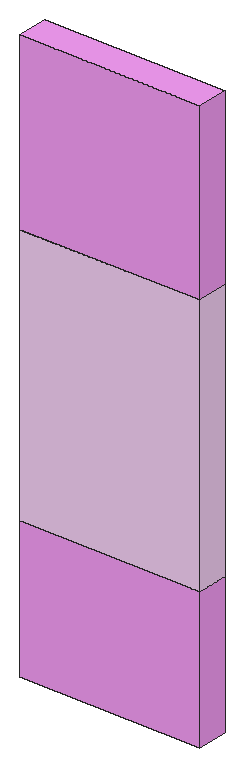
Revit family "EXP_WT-1D_CPan-003", category Curtain Panels, Revit 2021
Family settings
  OmniClass Number = 23.25.20.14.11.11.17
  OmniClass Title = Infill Panels
  Always vertical = Yes
  Cut with Voids When Loaded = No
  Shared = No
Parameters (values of type "H2 = 7'  3"")
  UI-UnitNumber [instance] = "001"
  UI-Quadrant [instance] = "SE"
  UI-ProjectAbbreviation = "NEU"
  UI-ItemCategory = "PID"
  UI-FloorNumber [instance] = "03"
  PNT-WallType = "WT1D"
  PNT-ProjectAbbreviation = "NEU"
  PNT-PanelType [instance] = "01"
  PNT-ItemCategory = "PNL"
  GlassH3 [instance] = IG-3F(Glass)
  GlassH2 [instance] = IG-1F(Glass)
  GlassH1 [instance] = IG-3F(Glass)
  Define Thermal Properties by = Schematic Type
  CellSp = 0' - 10 3/16"
  CellL [instance] = 5' - 0"
  CellH3 [instance] = CellH - (CellH1 + CellH2)  # 3' - 10 1/2"
  CellH2 = 7' - 3"
  CellH1 = 4' - 10"
  CellH [instance] = 15' - 11 1/2"
  Analytic Construction = "<None>"
Reference planes (in)
  plane 1 "Center (Front/Back)": y = 0
  plane 2: z = 0
  plane 3 "Center (Left/Right)": x = 0
  plane 4 "Left": x = -30
  plane 5 "Right": x = 30
  plane 6 "Top": z = 191.5
  plane 7: z = 133.5
  plane 8: y = -10.1875
  plane 9: z = 46.5
Forms (in)
  Extrusion 1, solid, material "IG-1F(Glass)" <- "GlassH2"
    sketch origin (0, 0, 0) x (0, 1, 0) y (0, 0, 1)
      loop
        line (-10.1875, 133.5) -> (-10.1875, 46.5) -> (0, 46.5) -> (0, 133.5) -> (-10.1875, 133.5)
    from -30 to 30
  Extrusion 2, solid, material "IG-3F(Glass)" <- "GlassH1"
    sketch origin (0, 0, 0) x (0, 1, 0) y (0, 0, 1)
      loop
        line (-10.1875, 191.5) -> (-10.1875, 133.5) -> (0, 133.5) -> (0, 191.5) -> (-10.1875, 191.5)
    from -30 to 30
  Extrusion 3, solid, material "IG-3F(Glass)" <- "GlassH3"
    sketch origin (0, 0, 0) x (0, 1, 0) y (0, 0, 1)
      loop
        line (0, 46.5) -> (-10.1875, 46.5) -> (-10.1875, 0) -> (0, 0) -> (0, 46.5)
    from -30 to 30
Text (in)
  text "Exterior" at (-92.59733, 55.75508, 0), in view "Ref. Level"
  text "Exterior" at (0, 90.18664, 173.49264), in view "Left"
  text "Exterior" at (0, 52.29083, 162.21847), in view "Right"
Dimensions and locks (in)
  equal spacing: plane 4 "Left", plane 3 "Center (Left/Right)", plane 5 "Right"  (x2)
  Extrusion 2 sketch curve to Extrusion 2 sketch curve = 0' - 10 3/16"
  "CellH1": plane 7 to plane 6 "Top"
  "CellH2": plane 9 to plane 7
  "CellH": plane 2 to plane 6 "Top"
  "CellSp": plane 8 to plane 1 "Center (Front/Back)"
  "CellL": plane 4 "Left" to plane 5 "Right"
  "CellH3": plane 2 to plane 9
  aligned and locked: Extrusion 1 sketch curve to plane 7
  aligned and locked: plane 8 to Extrusion 1 sketch curve
  aligned and locked: plane 1 "Center (Front/Back)" to Extrusion 1 sketch curve
  aligned and locked: plane 4 "Left" to Extrusion 1
  aligned and locked: Extrusion 1 to plane 5 "Right"
  aligned and locked: plane 6 "Top" to Extrusion 2 sketch curve
  aligned and locked: plane 8 to Extrusion 2 sketch curve
  aligned and locked: Extrusion 2 sketch curve to Extrusion 1
  aligned and locked: Extrusion 2 to plane 5 "Right"
  aligned and locked: plane 4 "Left" to Extrusion 2
  aligned and locked: level to plane 2
  aligned and locked: Extrusion 1 sketch curve to plane 9
  aligned and locked: Extrusion 3 sketch curve to Extrusion 1  (x2)
  aligned and locked: Extrusion 3 sketch curve to level
  aligned and locked: Extrusion 3 sketch curve to plane 8
  aligned and locked: Extrusion 3 to plane 5 "Right"
  aligned and locked: plane 4 "Left" to Extrusion 3
  aligned and locked: Extrusion 2 to plane 1 "Center (Front/Back)"
  aligned and locked: nested 1 to Extrusion 1
  aligned and locked: nested 1 to plane 4 "Left"
  aligned and locked: nested 1 to plane 5 "Right"
  aligned and locked: plane 6 "Top" to nested 2
  aligned and locked: nested 2 to level
  aligned and locked: plane 1 "Center (Front/Back)" to nested 3
  aligned and locked: plane 5 "Right" to nested 3
  aligned and locked: plane 4 "Left" to nested 3
  aligned and locked: Extrusion 3 to plane 2
  aligned and locked: Extrusion 2 to plane 6 "Top"
Nested families (in)
  nested 1: "EXP_WT-1A_DetO-001" at (-30, 0, 0), type "EXP_WT-1A_DetO-001"
    with built-in parameter 1001306 5 (stored number, unit not read)
  nested 2: "EXP_WT-1A_DetO-004" at (0, 0, 191.5) x (0, 0, -1) z (1, 0, 0), CellH1 <- "CellH1", CellH2 <- "CellH2", type "EXP_WT-1A_DetO-004"
    with built-in parameter 1001306 15.958 (stored number, unit not read), CellH2 7' - 3", CellH1 4' - 10"
  nested 3: "EXP_xx_DetO-002" at (0, 0, -0.75132), CellH <- "CellH", CellL <- "CellL", type "EXP_xx_DetO-002", detail levels coarse
    with CellL 5' - 0", CellH 15' - 11 1/2"
Definition of nested family "EXP_WT-1A_DetO-001"
  Parameters (values of type "EXP_WT-1A_DetO-001")
    built-in parameter 1001306 [instance] = 5' - 2.99213"
  Reference planes (in)
    plane 1 "Center (Front/Back)": y = 0
    plane 2: z = 0
    plane 3 "Left": x = 0
    plane 4 "Right": x = 62.99213
  Lines and regions (in)
    reference lines, in view "Ref. Level"
      curve 1: line (0, 0, 0) -> (62.99213, 0, 0)
    detail lines, in view "Ref. Level"
      curve 2: line (0.25, 0, 0) -> (0.5458, 0, 0)
      curve 3: line (0.25, 0, 0) -> (0.5458, 0, 0)
      curve 4: line (62.99213, -0.81795, 0) -> (62.99213, -10.1875, 0)
      curve 5: line (62.99213, -10.1875, 0) -> (60.99213, -10.1875, 0)
      curve 6: line (60.99213, -10.1875, 0) -> (60.99213, -2.43678, 0)
      curve 7: line (60.99213, -2.43678, 0) -> (62.44632, -2.43678, 0)
      curve 8: line (62.44632, -2.43678, 0) -> (62.44632, 0, 0)
      curve 9: line (62.44632, 0, 0) -> (62.74213, 0, 0)
      curve 10: line (62.74213, 0, 0) -> (62.74213, -0.81795, 0)
      curve 11: line (62.99213, -0.81795, 0) -> (62.74213, -0.81795, 0)
      curve 12: line (0.25, 0, 0) -> (0.25, -0.81795, 0)
      curve 13: line (0.25, 0, 0) -> (0.5458, 0, 0)
      curve 14: line (0, -0.81795, 0) -> (0.25, -0.81795, 0)
      curve 15: line (0, -0.81795, 0) -> (0, -10.1875, 0)
      curve 16: line (2, -10.1875, 0) -> (0, -10.1875, 0)
      curve 17: line (2, -2.43676, 0) -> (2, -10.1875, 0)
      curve 18: line (0.5458, -2.43676, 0) -> (2, -2.43676, 0)
      curve 19: line (0.5458, -2.43676, 0) -> (0.5458, 0, 0)
      curve 20: line (0.94241, 0, 0) -> (62.04971, 0, 0)
      curve 21: line (0.94241, -1.31, 0) -> (0.94241, 0, 0)
      curve 22: line (0.94241, -1.31, 0) -> (62.04971, -1.31, 0)
      curve 23: line (62.04971, -1.31, 0) -> (62.04971, 0, 0)
  Dimensions and locks (in)
    "built-in parameter 1001306": plane 3 "Left" to plane 4 "Right"
    aligned and locked: plane 1 "Center (Front/Back)" to curve 1
    aligned and locked: plane 3 "Left" to curve 1
    aligned and locked: plane 4 "Right" to curve 1
    aligned and locked: curve 4 to plane 4 "Right"
    aligned and locked: curve 1 to curve 13
    aligned and locked: curve 15 to plane 3 "Left"
    aligned and locked: curve 1 to curve 20
    aligned and locked: curve 5 to curve 16
  Automatic sketch dimensions
    plane 1 "Center (Front/Back)" to curve 9 = 0' - 0"
    curve 2 to curve 2 = 0' - 0.2958"
    curve 7 to plane 4 "Right" = 0' - 2"
    curve 9 to plane 4 "Right" = 0' - 0.5458"
    curve 10 to curve 4 = 0' - 0 1/4"
    plane 1 "Center (Front/Back)" to curve 4 = 0' - 0.81795"
    curve 7 to curve 10 = 0' - 1.61883"
    curve 5 to curve 7 = 0' - 7.75072"
    plane 1 "Center (Front/Back)" to curve 15 = 0' - 0.81795"
    plane 3 "Left" to curve 16 = 0' - 2"
    curve 17 to curve 12 = 0' - 1.61881"
    plane 3 "Left" to curve 20 = 0' - 0.94241"
    curve 23 to curve 10 = 0' - 0.69242"
    curve 23 to curve 10 = 0' - 0.49205"
    plane 3 "Left" to curve 14 = 0' - 0 1/4"
Definition of nested family "EXP_WT-1A_DetO-004"
  Parameters (values of type "EXP_WT-1A_DetO-004")
    built-in parameter 1001306 [instance] = 12' - 11"
    CellH2 [instance] = 5' - 8"
    CellH1 [instance] = 3' - 3"
    CellH [instance] = 12' - 11"
  Reference planes (in)
    plane 1 "Center (Front/Back)": y = 0
    plane 2: z = 0
    plane 3 "Left": x = 0
    plane 4 "Right": x = 155
    plane 5: x = 39
    plane 6: x = 107
  Lines and regions (in)
    reference lines, in view "Ref. Level"
      curve 1: line (0, 0, 0) -> (155, 0, 0)
    detail lines, in view "Ref. Level"
      curve 2: line (37.25001, -10.125, 0) -> (37.25001, -2.41263, 0)
      curve 3: line (37.25001, -2.41263, 0) -> (40.74999, -2.41263, 0)
      curve 4: line (40.74999, -2.41263, 0) -> (40.74999, -10.125, 0)
      curve 5: line (40.74999, -10.125, 0) -> (37.25001, -10.125, 0)
      curve 6: line (39.27639, -2.185, 0) -> (39.27639, 0, 0)
      curve 7: line (39.27639, 0, 0) -> (106.72361, 0, 0)
      curve 8: line (106.72361, -2.185, 0) -> (39.27639, -2.185, 0)
      curve 9: line (38.52639, -1.31, 0) -> (38.52639, 0, 0)
      curve 10: line (38.52639, 0, 0) -> (1.19241, 0, 0)
      curve 11: line (38.52639, -1.31, 0) -> (1.19241, -1.31, 0)
      curve 12: line (0, -10.125, 0) -> (2.125, -10.125, 0)
      curve 13: line (0, -0.81812, 0) -> (0, -10.125, 0)
      curve 14: line (0.5, 0, 0) -> (0.5, -0.81812, 0)
      curve 15: line (0.5, 0, 0) -> (0.7958, 0, 0)
      curve 16: line (0, -0.81812, 0) -> (0.5, -0.81812, 0)
      curve 17: line (0.7958, -2.43676, 0) -> (0.7958, 0, 0)
      curve 18: line (2.125, -2.43676, 0) -> (0.7958, -2.43676, 0)
      curve 19: line (2.125, -10.125, 0) -> (2.125, -2.43676, 0)
      curve 20: line (1.19241, -1.31, 0) -> (1.19241, 0, 0)
      curve 21: line (155, 60, 0) -> (155, -10.125, 0)
      curve 22: line (155, -10.125, 0) -> (151.625, -10.125, 0)
      curve 23: line (151.625, -10.125, 0) -> (151.625, -2.43679, 0)
      curve 24: line (151.625, -2.43679, 0) -> (154.2042, -2.43679, 0)
      curve 25: line (154.2042, -2.43679, 0) -> (154.2042, 0, 0)
      curve 26: line (154.5, 0, 0) -> (154.5, -0.81812, 0)
      curve 27: line (154.2042, 0, 0) -> (154.5, 0, 0)
      curve 28: line (155, -0.81812, 0) -> (154.5, -0.81812, 0)
      curve 29: line (155, -0.81812, 0) -> (155, -10.125, 0)
      curve 30: line (153.80789, -1.31, 0) -> (153.80789, 0, 0)
      curve 31: line (105.25001, -10.125, 0) -> (108.74999, -10.125, 0)
      curve 32: line (105.25001, -2.41263, 0) -> (105.25001, -10.125, 0)
      curve 33: line (108.74999, -10.125, 0) -> (108.74999, -2.41263, 0)
      curve 34: line (108.74999, -2.41263, 0) -> (105.25001, -2.41263, 0)
      curve 35: line (106.72361, -2.185, 0) -> (106.72361, 0, 0)
      curve 36: line (107.47361, -1.31, 0) -> (153.80789, -1.31, 0)
      curve 37: line (107.47361, -1.31, 0) -> (107.47361, 0, 0)
      curve 38: line (153.80789, 0, 0) -> (107.47361, 0, 0)
  Dimensions and locks (in)
    "built-in parameter 1001306": plane 3 "Left" to plane 4 "Right"
    "CellH": plane 3 "Left" to plane 4 "Right"
    "CellH1": plane 3 "Left" to plane 5
    "CellH2": plane 5 to plane 6
    aligned and locked: plane 1 "Center (Front/Back)" to curve 1
    aligned and locked: plane 3 "Left" to curve 1
    aligned and locked: plane 4 "Right" to curve 1
    aligned and locked: curve 1 to curve 7
    aligned and locked: curve 10 to plane 1 "Center (Front/Back)"
    aligned and locked: curve 13 to plane 3 "Left"
    aligned and locked: curve 1 to curve 15
    aligned and locked: curve 21 to plane 4 "Right"
    aligned and locked: curve 29 to plane 4 "Right"
    aligned and locked: curve 38 to curve 7
    aligned and locked: curve 5 to curve 12
    aligned and locked: curve 5 to curve 31
    aligned and locked: curve 22 to curve 31
  Automatic sketch dimensions
    plane 5 to curve 3 = 0' - 1 3/4"
    plane 1 "Center (Front/Back)" to curve 3 = 0' - 2.41263"
    curve 5 to plane 5 = 0' - 1 3/4"
    plane 5 to curve 6 = 0' - 0.27639"
    curve 6 to curve 6 = 0' - 2.185"
    curve 9 to plane 5 = 0' - 0.47361"
    plane 1 "Center (Front/Back)" to curve 12 = 0' - 10 1/8"
    plane 1 "Center (Front/Back)" to curve 13 = 0' - 0.81812"
    plane 3 "Left" to curve 14 = 0' - 0 1/2"
    curve 14 to curve 17 = 0' - 0.2958"
    curve 17 to curve 18 = 0' - 1.3292"
    curve 18 to curve 14 = 0' - 1.61864"
    curve 14 to curve 20 = 0' - 0.69242"
    curve 20 to curve 14 = 0' - 0.49188"
    curve 21 to plane 1 "Center (Front/Back)" = 5' - 0"
    curve 24 to curve 24 = 0' - 2.5792"
    plane 1 "Center (Front/Back)" to curve 27 = 0' - 0"
    curve 25 to curve 26 = 0' - 0.2958"
    curve 28 to curve 28 = 0' - 0 1/2"
    curve 30 to curve 24 = 0' - 0.39631"
    curve 24 to curve 30 = 0' - 1.12679"
    plane 1 "Center (Front/Back)" to curve 26 = 0' - 0.81812"
    curve 32 to plane 6 = 0' - 1 3/4"
    plane 6 to curve 31 = 0' - 1 3/4"
    plane 1 "Center (Front/Back)" to curve 33 = 0' - 2.41263"
    curve 35 to plane 6 = 0' - 0.27639"
    curve 36 to curve 37 = 0' - 1.31"
    plane 6 to curve 38 = 0' - 0.47361"
Definition of nested family "EXP_xx_DetO-002"
  Parameters (values of type "EXP_xx_DetO-002")
    Default Elevation = 0' - 0"
    CellL [instance] = 5' - 4.56693"
    CellH [instance] = 5' - 2.99213"
  Reference planes (in)
    plane 1 "Center (Front/Back)": y = 0
    plane 2: z = 0
    plane 3 "Center (Left/Right)": x = 0
    plane 4: x = -32.28346
    plane 5: x = 32.28346
    plane 6: z = 62.99213
  Lines and regions (in)
    model lines
      curve 1: line (-32.28346, 0, 62.99213) -> (32.28346, 0, 0)
      curve 2: line (32.28346, 0, 62.99213) -> (-32.28346, 0, 0)
  Dimensions and locks (in)
    "CellH": plane 6 to level
    equal spacing: plane 4, plane 3 "Center (Left/Right)", plane 5
    "CellL": plane 4 to plane 5
    aligned and locked: level to plane 2
  Automatic sketch dimensions
    curve 2 to level = 0' - 0"
    plane 4 to curve 2 = 0' - 0"
    plane 4 to curve 1 = 0' - 0"
    plane 5 to curve 2 = 0' - 0"
    curve 1 to level = 0' - 0"
    plane 5 to curve 1 = 0' - 0"
    curve 2 to plane 6 = 0' - 0"
    curve 1 to plane 6 = 0' - 0"
